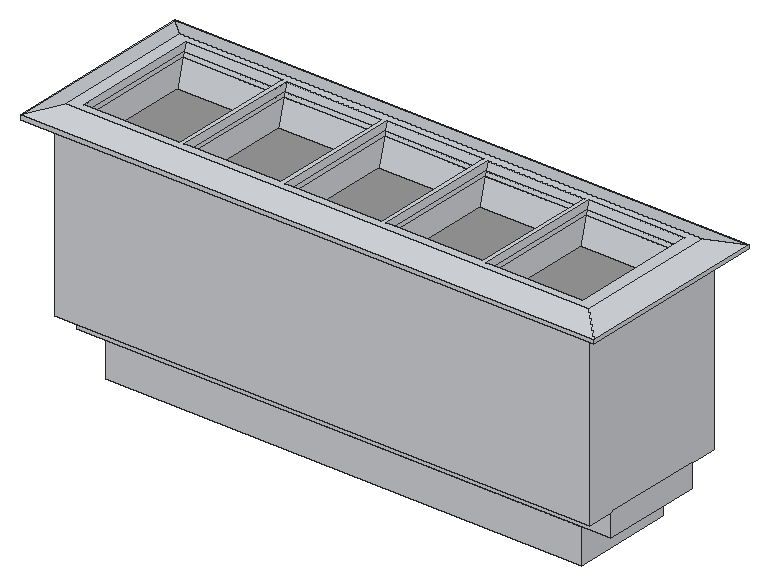
Revit family "2061401 Sylvania Lighting Fixture DOMINO 5xLED 940 BLACK NB TRIM WHITE DALI", category Lighting Fixtures, host Face, Revit 2018
Family settings
  Host = Face
  Round Connector Dimension = Use Diameter
  Part Type = Normal
  OmniClass Number = 23.80.70.00
  OmniClass Title = Lighting
  Cut with Voids When Loaded = No
  Light Source = Yes
  Shared = No
  Room Calculation Point = No
Parameters (values of type "2061401 DOMINO 5XLED 940 BLACK NB TR WHT DALI")
  top top width = 15.812 mm
  top top length = 123 mm
  Width = 50 mm
  Weight = "n/a"
  Wattage Comments = ""
  Wattage = 9.2903 W
  WarrantyStartDate [instance] = "n/a"
  WarrantyGuarantorParts = "n/a"
  WarrantyDurationUnit = "n/a"
  WarrantyDurationParts = ""
  WarrantyDescription = "http://www.sylvania-lighting.com"
  built-in parameter 1150110 = 1 (stored number, unit not read)
  Voltage = 0 V
  URL = "0.96"
  TypeName = "DOMINO 5xLED 940 BLACK NB TRIM WHITE DALI"
  Type Image = <None>
  Type Comments = "n/a"
  built-in parameter 1114217 = 1 (stored number, unit not read)
  Top Width = 26 mm
  Tilt Angle = 90.00°
  built-in parameter 1150109 = 1 (stored number, unit not read)
  built-in parameter 1150134 = 3
  built-in parameter 1150113 = 1 (stored number, unit not read)
  SerialNumber [instance] = "n/a"
  Recessed Width = 43 mm
  Recessed Length = 143 mm
  Photometric Web File = "2061401.ies"
  Material_3_FEILO = none
  PowerFactor = 0
  PowerConsumption = "Lighting"
  NominalLength = 50 mm
  NominalHeight = 0 mm
  NominalDepth = 0 mm
  Name = "DOMINO 5xLED 940 BLACK NB TRIM WHITE DALI"
  ModelReference = Name  # "DOMINO 5xLED 940 BLACK NB TRIM WHITE DALI"
  ModelNumber = "2061401"
  Model = Name  # "DOMINO 5xLED 940 BLACK NB TRIM WHITE DALI"
  Material = "Feilo Sylvania"
  ManufacturerName = "67 lm/W"
  Manufacturer = ""
  LuminousEfficacy = ""
  built-in parameter 1150105 = 109.82 (stored number, unit not read)
  Lumens = 1380 lm
  LuminaireType = "0"
  built-in parameter 1150115 = 1 (stored number, unit not read)
  LightOutputRatio = "LED"
  built-in parameter 1150137 = (empty or 0)
  built-in parameter 1150139 = (empty or 0)
  Lens inside recess = 25 mm
  Lens Width = 32 mm
  Lens Outside recess = 31.978 mm
  Lens = Glass, White, High Luminance
  Length = 148 mm
  LampsType = Lamp  # "n/a"
  LampNominalLuminous = "4000 K"
  LampMacAdamStep = "90"
  LampColourTemperature = "LED"
  LampColourRenderingIndex = "16500"
  built-in parameter 1150112 = 1 (stored number, unit not read)
  built-in parameter 1150114 = 1 (stored number, unit not read)
  Lamp = "n/a"
  Keynote = "n/a"
  InstallationDate [instance] = "n/a"
  InputVoltage = "0"
  InputNominalFrequency = "4000"
  built-in parameter 1150132 = (empty or 0)
  built-in parameter 1150102 = (empty or 0)
  built-in parameter 1150107 = 3200 (stored number, unit not read)
  built-in parameter 1150138 = (empty or 0)
  IngressProtection = "IfcLightFixtureType"
  ImpactProtectionIndex = "IfcLightFixtureType"
  built-in parameter 1150106 = 1.0982 (stored number, unit not read)
  IfcExportType = "IfcLightFixtureType"
  IfcExportAs = "Class II"
  Facia internal width = 37 mm
  Facia internal length = 135 mm
  Facia Height = 2 mm
  ExpectedLife = 50000
  Emit from Circle Diameter = 609.6 mm
  Emit Shape Visible in Rendering = no
  ElectricShockClassification = "67"
  built-in parameter 1150104 = 13.8 (stored number, unit not read)
  DurationUnit = "hours"
  DocumentationLiterature = "http://www.sylvania-lighting.com/product/en-int/products/2061401"
  DimmingControlOptions = "n/a"
  Material_2_FEILO = none
  Dimming Lamp Color Temperature Shift = <None>
  Description = "Modular LED recessed linear spotlight, ideal for retail and hospitality applications. Die-cast aluminium body, passive cooling. Two levels of reflector installation, low glaring UGR<16. 5x LED source, 15° beam angle , optics: PMMA lens and polycarbonate reflector combination, Black matt reflector finish. Light color temperature: 4000K neutral white, total system power: 13W , total fixture lumen output: 860lm, efficacy: 67 lm/W, Ra90 typical, LED chromacity: 3 step MacAdam ellipse (SDCM3), lifespan: 96,000 hours at 90% of the original output (L90B10), IR/UV free light source without heat radiation, operating voltage: 220-240V / 50-60Hz, electronic driver, ultra low flicker, DALI , electrical protection: Class II. Degree of Protection: IP40/IP20, suitable for indoor environment only. Ceiling cut-out: 43x43mm, outer dimensions:  150x50mm trim frame RAL 9016 - Traffic white / Bezel color.5 years Warranty."
  Default Elevation = 1219.2 mm
  CreatedOn = "10/02/2021"
  CreatedBy = "@sylvania-lighting.com"
  Cost = 0
  Color Filter = 16777215
  built-in parameter 1114216 [instance] = (empty or 0)
  ClassificationValue = "EF_70_80"
  ClassificationName = "Uniclass2015"
  Material_1_FEILO = none
  Body Width = 40 mm
  Body Length = 138 mm
  BarCode [instance] = "n/a"
  built-in parameter 1114218 = 1 (stored number, unit not read)
  built-in parameter 1150133 = 10 (stored number, unit not read)
  AssetType = "Fixed"
  AssetIdentifier [instance] = "n/a"
  Assembly Code = "D5020200"
  Apparent Load = 13 VA
  Material_4_FEILO = none
Reference planes
  plane 1 "Center (Front/Back)": y = 0
  plane 2: z = 0
  plane 3 "Center (Left/Right)": x = 0
  plane 4: z = 0
  plane 5: z = -7
  plane 6: z = -45.895
  plane 7: z = -51.895
  plane 8: z = -60.895
  plane 9: x = -71.5
  plane 10: x = 71.5
  plane 11: y = 21.5
  plane 12: y = -21.5
  plane 13: x = -74
  plane 14: x = 74
  plane 15: y = 25
  plane 16: y = -25
  plane 17: x = 67.5
  plane 18: x = -67.5
  plane 19: y = 18.5
  plane 20: y = -18.5
  plane 21: z = 2
  plane 22: x = -69
  plane 23: x = 69
  plane 24: y = 20
  plane 25: y = -20
  plane 26: y = 13
  plane 27: y = -13
  plane 28: x = 61.5
  plane 29: x = -61.5
  plane 30: x = -65.5
  plane 31: y = 16.5
  plane 32: y = -16.472
  plane 33: x = -40.5
  plane 34: x = -41
  plane 35: x = -65
  plane 36: y = 13
  plane 37: y = -12.972
  plane 38: x = -39.5
  plane 39: x = -14.48
  plane 40: x = -13.48
  plane 41: x = 11.52
  plane 42: x = 12.52
  plane 43: x = 37.52
  plane 44: x = 38.52
  plane 45: x = 64.5
Forms (mm)
  Extrusion 1, solid, not visible, detail levels medium+fine
    sketch origin (4.2, 0, 0) x (1, 0, 0) y (0, 1, 0)
      loop
        line (-29.2, 34.5) -> (-29.2, -34.5) -> (20.8, -34.5) -> (20.8, 34.5) -> (-29.2, 34.5)
    from 0 to 1
  Extrusion 2, solid, not visible, detail levels medium+fine
    sketch origin (4.044, 0, 0) x (1, 0, 0) y (0, 1, 0)
      loop
        line (-29.2, 34.5) -> (-29.2, -34.5) -> (20.8, -34.5) -> (20.8, 34.5) -> (-29.2, 34.5)
    from 0 to 1
  Blend 3, solid, not visible, detail levels medium+fine
    base sketch origin (4.2, 0, 0) x (1, 0, 0) y (0, 1, 0)
      loop
        line (-29.2, 34.5) -> (-29.2, -34.5) -> (20.8, -34.5) -> (20.8, 34.5) -> (-29.2, 34.5)
    top sketch origin (4.2, 0, 0) x (1, 0, 0) y (0, 1, 0)
      loop
        line (-21.7, 28) -> (-21.7, -28) -> (13.3, -28) -> (13.3, 28) -> (-21.7, 28)
    from 1 to 3
  Extrusion 4, solid, not visible, detail levels medium+fine
    sketch origin (3.419, 0, 0) x (1, 0, 0) y (0, 1, 0)
      loop
        line (-29.2, 34.5) -> (-29.2, -34.5) -> (20.8, -34.5) -> (20.8, 34.5) -> (-29.2, 34.5)
    from 0 to 1
  Blend 5, solid, not visible, detail levels medium+fine
    base sketch origin (3.575, 0, 0) x (1, 0, 0) y (0, 1, 0)
      loop
        line (-29.2, 34.5) -> (-29.2, -34.5) -> (20.8, -34.5) -> (20.8, 34.5) -> (-29.2, 34.5)
    top sketch origin (3.575, 0, 0) x (1, 0, 0) y (0, 1, 0)
      loop
        line (-21.7, 28) -> (-21.7, -28) -> (13.3, -28) -> (13.3, 28) -> (-21.7, 28)
    from 1 to 3
  Extrusion 6, solid, not visible, detail levels medium+fine
    sketch origin (4.247, 0, 0) x (1, 0, 0) y (0, 1, 0)
      loop
        line (-29.2, 34.5) -> (-29.2, -34.5) -> (20.8, -34.5) -> (20.8, 34.5) -> (-29.2, 34.5)
    from 0 to 1
  Blend 7, solid, not visible, detail levels medium+fine
    base sketch origin (4.403, 0, 0) x (1, 0, 0) y (0, 1, 0)
      loop
        line (-29.2, 34.5) -> (-29.2, -34.5) -> (20.8, -34.5) -> (20.8, 34.5) -> (-29.2, 34.5)
    top sketch origin (4.403, 0, 0) x (1, 0, 0) y (0, 1, 0)
      loop
        line (-21.7, 28) -> (-21.7, -28) -> (13.3, -28) -> (13.3, 28) -> (-21.7, 28)
    from 1 to 3
  Extrusion 8, void, detail levels medium+fine
    sketch origin (4.2, 0, 0) x (0, 1, 0) y (1, 0, 0)
      loop
        line (21.5, -75.7) -> (21.5, 67.3) -> (-21.5, 67.3) -> (-21.5, -75.7) -> (21.5, -75.7)
    from -9.934 to 83.097
  Extrusion 9, solid, detail levels medium+fine
    sketch origin (4.2, 0, 0) x (1, 0, 0) y (0, 1, 0)
      loop
        line (-78.2, 25) -> (-78.2, -25) -> (69.8, -25) -> (69.8, 25) -> (-78.2, 25)
    from 0 to 1
  Extrusion 10, solid, detail levels medium+fine
    sketch origin (4.2, 0, 0) x (1, 0, 0) y (0, 1, 0)
      loop
        line (-73.2, 20) -> (-73.2, -20) -> (64.8, -20) -> (64.8, 20) -> (-73.2, 20)
    from 0 to -45.895
  Extrusion 11, solid, detail levels medium+fine
    sketch origin (4.2, 0, 0) x (1, 0, 0) y (0, 1, 0)
      loop
        line (-73.2, 13) -> (-73.2, -13) -> (64.8, -13) -> (64.8, 13) -> (-73.2, 13)
    from -51.895 to -45.895
  Extrusion 12, solid, material "Glass, White, High Luminance" <- "Lens", detail levels fine
    sketch origin (11.874, 1219.733, 36.156) x (1, 0, 0) y (0, 1, 0)
      loop
        line (-75.883, -1206.7) -> (-75.883, -1232.733) -> (-51.887, -1232.733) -> (-51.887, -1206.7) -> (-75.883, -1206.7)
    from -43.156 to -42.182
  Blend 13, solid, detail levels medium+fine
    base sketch origin (4.2, 0, 0) x (1, 0, 0) y (0, 1, 0)
      loop
        line (-78.2, 25) -> (-78.2, -25) -> (69.8, -25) -> (69.8, 25) -> (-78.2, 25)
    top sketch origin (4.2, 0, 0) x (1, 0, 0) y (0, 1, 0)
      loop
        line (-71.7, 18.5) -> (-71.7, -18.5) -> (63.3, -18.5) -> (63.3, 18.5) -> (-71.7, 18.5)
    from 1 to 3
  Extrusion 14, solid, detail levels fine
    sketch origin (0, 0, 0) x (1, 0, 0) y (0, 0, 1)
      loop
        line (-61.5, -51.895) -> (-61.5, -60.895) -> (61.5, -60.895) -> (61.5, -51.895) -> (-61.5, -51.895)
    from -13 to 13
  Blend 15, void
    base sketch origin (5.187, 0, 0) x (0, 1, 0) y (-1, 0, 0)
      loop
        line (16.5, 69.7) -> (-16.472, 69.7) -> (-16.472, 44.7) -> (16.5, 44.7) -> (16.5, 69.7)
    top sketch origin (5.187, 0, 0) x (0, 1, 0) y (-1, 0, 0)
      loop
        line (13, 69.2) -> (-12.972, 69.2) -> (-12.972, 45.2) -> (13, 45.2) -> (13, 69.2)
    from 3 to -7
  Blend 16, void
    base sketch origin (31.202, 0, 0) x (0, 1, 0) y (-1, 0, 0)
      loop
        line (16.5, 69.7) -> (-16.472, 69.7) -> (-16.472, 44.7) -> (16.5, 44.7) -> (16.5, 69.7)
    top sketch origin (31.202, 0, 0) x (0, 1, 0) y (-1, 0, 0)
      loop
        line (13, 69.2) -> (-12.972, 69.2) -> (-12.972, 45.2) -> (13, 45.2) -> (13, 69.2)
    from 3 to -7
  Blend 17, void
    base sketch origin (57.213, -0.017, 0) x (0, 1, 0) y (-1, 0, 0)
      loop
        line (16.5, 69.7) -> (-16.472, 69.7) -> (-16.472, 44.7) -> (16.5, 44.7) -> (16.5, 69.7)
    top sketch origin (57.213, -0.017, 0) x (0, 1, 0) y (-1, 0, 0)
      loop
        line (13, 69.2) -> (-12.972, 69.2) -> (-12.972, 45.2) -> (13, 45.2) -> (13, 69.2)
    from 3 to -7
  Blend 18, void
    base sketch origin (83.222, 0, 0) x (0, 1, 0) y (-1, 0, 0)
      loop
        line (16.5, 69.7) -> (-16.472, 69.7) -> (-16.472, 44.7) -> (16.5, 44.7) -> (16.5, 69.7)
    top sketch origin (83.222, 0, 0) x (0, 1, 0) y (-1, 0, 0)
      loop
        line (13, 69.2) -> (-12.972, 69.2) -> (-12.972, 45.2) -> (13, 45.2) -> (13, 69.2)
    from 3 to -7
  Blend 19, void
    base sketch origin (109.202, 0, 0) x (0, 1, 0) y (-1, 0, 0)
      loop
        line (16.5, 69.7) -> (-16.472, 69.7) -> (-16.472, 44.7) -> (16.5, 44.7) -> (16.5, 69.7)
    top sketch origin (109.202, 0, 0) x (0, 1, 0) y (-1, 0, 0)
      loop
        line (13, 69.2) -> (-12.972, 69.2) -> (-12.972, 45.2) -> (13, 45.2) -> (13, 69.2)
    from 3 to -7
  Extrusion 20, solid, material "Glass, White, High Luminance" <- "Lens", detail levels fine
    sketch origin (37.889, 1219.733, 36.156) x (1, 0, 0) y (0, 1, 0)
      loop
        line (-75.883, -1206.7) -> (-75.883, -1232.733) -> (-51.887, -1232.733) -> (-51.887, -1206.7) -> (-75.883, -1206.7)
    from -43.156 to -42.182
  Extrusion 21, solid, material "Glass, White, High Luminance" <- "Lens", detail levels fine
    sketch origin (63.896, 1219.733, 36.156) x (1, 0, 0) y (0, 1, 0)
      loop
        line (-75.883, -1206.7) -> (-75.883, -1232.733) -> (-51.887, -1232.733) -> (-51.887, -1206.7) -> (-75.883, -1206.7)
    from -43.156 to -42.182
  Extrusion 22, solid, material "Glass, White, High Luminance" <- "Lens", detail levels fine
    sketch origin (89.905, 1219.733, 36.156) x (1, 0, 0) y (0, 1, 0)
      loop
        line (-75.883, -1206.7) -> (-75.883, -1232.733) -> (-51.887, -1232.733) -> (-51.887, -1206.7) -> (-75.883, -1206.7)
    from -43.156 to -42.182
  Extrusion 23, solid, material "Glass, White, High Luminance" <- "Lens", detail levels fine
    sketch origin (115.886, 1219.733, 36.156) x (1, 0, 0) y (0, 1, 0)
      loop
        line (-75.883, -1206.7) -> (-75.883, -1232.733) -> (-51.887, -1232.733) -> (-51.887, -1206.7) -> (-75.883, -1206.7)
    from -43.156 to -42.182
  Extrusion 24, solid, detail levels coarse
    sketch origin (4.2, 0, 0) x (1, 0, 0) y (0, 1, 0)
      loop
        line (-78.2, 25) -> (-78.2, -25) -> (69.8, -25) -> (69.8, 25) -> (-78.2, 25)
    from 3 to -60.895
Cuts and joins
  Blend 15, Blend 16, Blend 17, Blend 18, Blend 19 cuts Extrusion 9
  Blend 15, Blend 16, Blend 17, Blend 18, Blend 19 cuts Extrusion 10
  Blend 15, Blend 16, Blend 17, Blend 18, Blend 19 cuts Blend 13
Dimensions and locks
  "Recessed Length": plane 9 to plane 10
  equal spacing: plane 9, plane 3 "Center (Left/Right)", plane 10
  "Length": plane 13 to plane 14
  equal spacing: plane 13, plane 3 "Center (Left/Right)", plane 14
  "Recessed Width": plane 11 to plane 12
  equal spacing: plane 11, plane 1 "Center (Front/Back)", plane 12
  "Width": plane 15 to plane 16
  equal spacing: plane 15, plane 1 "Center (Front/Back)", plane 16
  "Facia internal length": plane 18 to plane 17
  equal spacing: plane 18, plane 3 "Center (Left/Right)", plane 17
  "Facia internal width": plane 19 to plane 20
  equal spacing: plane 19, plane 1 "Center (Front/Back)", plane 20
  "Facia Height": plane 21 to host face
  "Body Length": plane 22 to plane 23
  equal spacing: plane 22, plane 3 "Center (Left/Right)", plane 23
  "Body Width": plane 24 to plane 25
  equal spacing: plane 24, plane 1 "Center (Front/Back)", plane 25
  "Top Width": plane 26 to plane 27
  equal spacing: plane 26, plane 1 "Center (Front/Back)", plane 27
  "top top length": plane 29 to plane 28
  equal spacing: plane 29, plane 3 "Center (Left/Right)", plane 28  (x2)
  plane 28 to plane 29 = 123 mm
  equal spacing: plane 28, plane 3 "Center (Left/Right)", plane 29
  aligned and locked: plane 2 to host face
  aligned and locked: level to host face
  aligned and locked: Extrusion 11 to plane 7
  aligned and locked: Extrusion 10 to plane 6
  aligned and locked: Extrusion 12 to plane 5
Automatic sketch dimensions
  Extrusion 1 sketch curve to Extrusion 1 sketch curve = 50 mm
  Extrusion 1 sketch curve to Extrusion 1 sketch curve = 69 mm
  Extrusion 2 sketch curve to Extrusion 2 sketch curve = 50 mm
  Extrusion 2 sketch curve to Extrusion 2 sketch curve = 69 mm
  Blend 3 sketch curve to Blend 3 sketch curve = 50 mm
  Blend 3 sketch curve to Blend 3 sketch curve = 69 mm
  Blend 3 sketch curve to Blend 3 sketch curve = 35 mm
  Blend 3 sketch curve to Blend 3 sketch curve = 56 mm
  Extrusion 4 sketch curve to Extrusion 4 sketch curve = 50 mm
  Extrusion 4 sketch curve to Extrusion 4 sketch curve = 69 mm
  Blend 5 sketch curve to Blend 5 sketch curve = 50 mm
  Blend 5 sketch curve to Blend 5 sketch curve = 69 mm
  Blend 5 sketch curve to Blend 5 sketch curve = 35 mm
  Blend 5 sketch curve to Blend 5 sketch curve = 56 mm
  Extrusion 6 sketch curve to Extrusion 6 sketch curve = 50 mm
  Extrusion 6 sketch curve to Extrusion 6 sketch curve = 69 mm
  Blend 7 sketch curve to Blend 7 sketch curve = 50 mm
  Blend 7 sketch curve to Blend 7 sketch curve = 69 mm
  Blend 7 sketch curve to Blend 7 sketch curve = 35 mm
  Blend 7 sketch curve to Blend 7 sketch curve = 56 mm
  host sketch curve to host sketch curve = 2438.4 mm  (x2)
  Extrusion 8 sketch curve to plane 9 = 0 mm
  Extrusion 8 sketch curve to plane 12 = 0 mm
  Extrusion 8 sketch curve to plane 11 = 0 mm
  Extrusion 8 sketch curve to plane 10 = 0 mm
  Extrusion 9 sketch curve to plane 13 = 0 mm
  Extrusion 9 sketch curve to plane 14 = 0 mm
  Extrusion 9 sketch curve to plane 16 = 0 mm
  Extrusion 9 sketch curve to plane 15 = 0 mm
  Extrusion 10 sketch curve to plane 22 = 0 mm
  Extrusion 10 sketch curve to plane 23 = 0 mm
  Extrusion 10 sketch curve to plane 25 = 0 mm
  Extrusion 10 sketch curve to plane 24 = 0 mm
  Extrusion 11 sketch curve to plane 22 = 0 mm
  Extrusion 11 sketch curve to plane 23 = 0 mm
  Extrusion 11 sketch curve to plane 27 = 0 mm
  Extrusion 11 sketch curve to plane 26 = 0 mm
  Extrusion 12 sketch curve to plane 27 = 0 mm
  plane 35 to Extrusion 12 sketch curve = 0.991 mm
  plane 26 to Extrusion 12 sketch curve = 0.033 mm
  plane 33 to Extrusion 12 sketch curve = 0.487 mm
  Blend 13 sketch curve to plane 13 = 0 mm
  Blend 13 sketch curve to plane 14 = 0 mm
  Blend 13 sketch curve to plane 16 = 0 mm
  Blend 13 sketch curve to plane 15 = 0 mm
  Blend 13 sketch curve to plane 18 = 0 mm
  Blend 13 sketch curve to plane 17 = 0 mm
  Blend 13 sketch curve to plane 20 = 0 mm
  Blend 13 sketch curve to plane 19 = 0 mm
  Extrusion 14 sketch curve to plane 8 = 0 mm
  Extrusion 14 sketch curve to plane 29 = 0 mm
  Extrusion 14 sketch curve to plane 28 = 0 mm
  Extrusion 14 sketch curve to plane 7 = 0 mm
  Blend 15 sketch curve to plane 32 = 0 mm
  Blend 15 sketch curve to plane 31 = 0 mm
  Blend 15 sketch curve to plane 38 = 0.013 mm
  plane 35 to Blend 15 sketch curve = 0.487 mm
  Blend 15 sketch curve to plane 37 = 0 mm
  Blend 15 sketch curve to plane 26 = 0 mm
  plane 33 to Blend 15 sketch curve = 0.487 mm
  plane 35 to Blend 15 sketch curve = 0.987 mm
  Blend 16 sketch curve to plane 32 = 0 mm
  Blend 16 sketch curve to plane 31 = 0 mm
  Blend 16 sketch curve to plane 40 = 0.018 mm
  plane 38 to Blend 16 sketch curve = 1.002 mm
  Blend 16 sketch curve to plane 37 = 0 mm
  Blend 16 sketch curve to plane 26 = 0 mm
  plane 39 to Blend 16 sketch curve = 0.482 mm
  plane 38 to Blend 16 sketch curve = 1.502 mm
  Blend 17 sketch curve to plane 32 = 0.017 mm
  Blend 17 sketch curve to plane 31 = 0.017 mm
  Blend 17 sketch curve to plane 42 = 0.007 mm
  plane 40 to Blend 17 sketch curve = 0.993 mm
  plane 27 to Blend 17 sketch curve = 0.011 mm
  Blend 17 sketch curve to plane 26 = 0.017 mm
  plane 41 to Blend 17 sketch curve = 0.493 mm
  plane 40 to Blend 17 sketch curve = 1.493 mm
  plane 32 to Blend 18 sketch curve = 0 mm
  plane 31 to Blend 18 sketch curve = 0 mm
  plane 44 to Blend 18 sketch curve = 0.002 mm
  plane 42 to Blend 18 sketch curve = 1.002 mm
  plane 37 to Blend 18 sketch curve = 0 mm
  plane 26 to Blend 18 sketch curve = 0 mm
  Blend 18 sketch curve to plane 44 = 0.498 mm
  plane 42 to Blend 18 sketch curve = 1.502 mm
  Blend 19 sketch curve to plane 32 = 0 mm
  Blend 19 sketch curve to plane 31 = 0 mm
  plane 45 to Blend 19 sketch curve = 0.002 mm
  plane 44 to Blend 19 sketch curve = 0.982 mm
  Blend 19 sketch curve to plane 37 = 0 mm
  Blend 19 sketch curve to plane 26 = 0 mm
  Blend 19 sketch curve to plane 45 = 0.498 mm
  plane 44 to Blend 19 sketch curve = 1.482 mm
  Extrusion 20 sketch curve to plane 27 = 0 mm
  plane 38 to Extrusion 20 sketch curve = 1.506 mm
  plane 26 to Extrusion 20 sketch curve = 0.033 mm
  plane 39 to Extrusion 20 sketch curve = 0.482 mm
  Extrusion 21 sketch curve to plane 27 = 0 mm
  plane 40 to Extrusion 21 sketch curve = 1.493 mm
  plane 26 to Extrusion 21 sketch curve = 0.033 mm
  plane 41 to Extrusion 21 sketch curve = 0.49 mm
  Extrusion 22 sketch curve to plane 27 = 0 mm
  plane 42 to Extrusion 22 sketch curve = 1.502 mm
  plane 26 to Extrusion 22 sketch curve = 0.033 mm
  plane 43 to Extrusion 22 sketch curve = 0.498 mm
  Extrusion 23 sketch curve to plane 27 = 0 mm
  plane 44 to Extrusion 23 sketch curve = 1.482 mm
  plane 26 to Extrusion 23 sketch curve = 0.033 mm
  Extrusion 23 sketch curve to plane 45 = 0.501 mm
  Extrusion 24 sketch curve to plane 13 = 0 mm
  Extrusion 24 sketch curve to plane 14 = 0 mm
  Extrusion 24 sketch curve to plane 16 = 0 mm
  Extrusion 24 sketch curve to plane 15 = 0 mm
Connectors
  electrical at (0, 0, -60.895)
    settings: on Extrusion 14, index 1, voltage 0 V, apparent load 0 VA, apparent load phase1 0 VA, apparent load phase2 0 VA, apparent load phase3 0 VA, power factor 1, load classification "Other", number of poles 1, system type 31, power factor state 1, is connector primary yes, connector utility no, sub classification motor no, connector description ""
